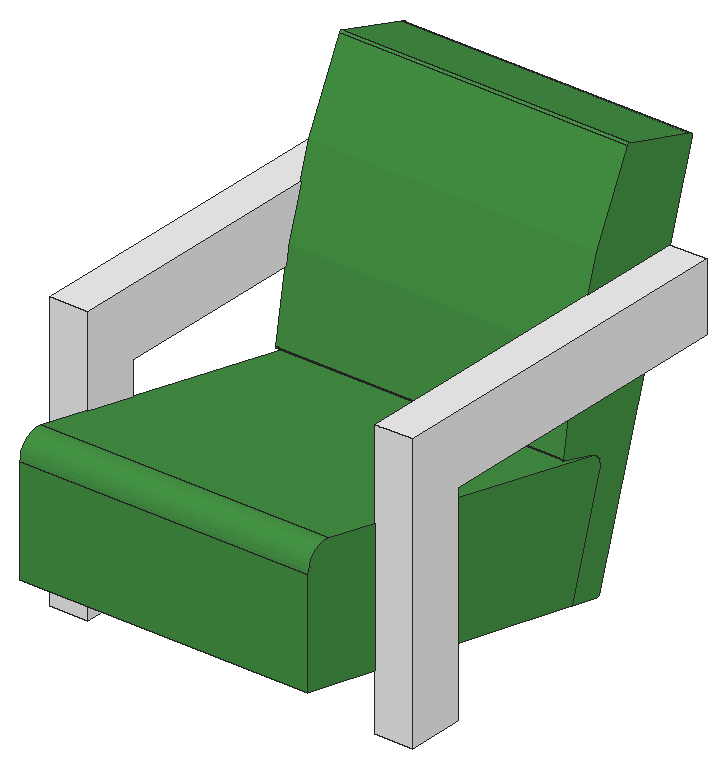
Revit family
Parameters
  Material Frame = Metal - Aluminium
  Material Seat = Fabric - Dark Dreen
  Keynote = "N"
Reference planes
  plane 1 "Center (Front/Back)": y = 0
  plane 2: z = 0
  plane 3 "Center (Left/Right)": x = 0
  plane 4 "Seat": z = 370
  plane 5: z = 490
  plane 6: z = 700
  plane 7: y = -850
  plane 8: x = -320
  plane 9: x = 320
  plane 10: x = -255
  plane 11: x = 255
Forms (mm)
  Extrusion 1, solid, material "Metal - Aluminium" <- "Material Frame"
    sketch origin (-320, 0, 0) x (0, 0, -1) y (0, -1, 0)
      loop
        line (-490, 51.209) -> (-370, 51.209) -> (-370, 602.457) -> (0, 602.457) -> (0, 701.863) -> (-490, 701.863) -> (-490, 51.209)
    from -66 to 0
  Extrusion 2, solid, material "Metal - Aluminium" <- "Material Frame"
    sketch origin (255, 0, 0) x (0, 0, -1) y (0, -1, 0)
      loop
        line (-490, 51.209) -> (-370, 51.209) -> (-370, 602.457) -> (0, 602.457) -> (0, 701.863) -> (-490, 701.863) -> (-490, 51.209)
    from -66 to 0
  Extrusion 3, solid, material "Fabric - Dark Dreen" <- "Material Seat"
    sketch origin (0, 0, 0) x (0, 1, 0) y (0, 0, 1)
      loop
        arc (-1.542, 639.482) -> (-1.845, 643.297) -> (-4.756, 645.78) r 5
        line (-4.756, 645.78) -> (-137.401, 688.776)
        arc (-137.401, 688.776) -> (-140.731, 688.689) -> (-143.267, 686.53) r 5
        arc (-143.267, 686.53) -> (-236.833, 476.434) -> (-283.668, 251.265) r 1077.236
        arc (-283.668, 251.265) -> (-283.161, 249.28) -> (-281.498, 248.084) r 3
        line (-281.498, 248.084) -> (-220.966, 231)
        arc (-220.966, 231) -> (-205.825, 218.087) -> (-204.249, 198.249) r 26
        line (-204.249, 198.249) -> (-264.825, 11.368) -> (-211.448, 0.533)
        arc (-211.448, 0.533) -> (-209.339, 0.882) -> (-207.998, 2.548) r 3
        line (-207.998, 2.548) -> (-1.542, 639.482)
    from -255 to 255
  Extrusion 4, solid, material "Fabric - Dark Dreen" <- "Material Seat"
    sketch origin (0, 0, 0) x (0, 1, 0) y (0, 0, 1)
      loop
        line (-850, 130.152) -> (-265.814, 11.561) -> (-205.201, 198.558)
        arc (-205.201, 198.558) -> (-206.715, 217.632) -> (-221.274, 230.048) r 25
        arc (-221.274, 230.048) -> (-510.4, 305.65) -> (-804.992, 355.898) r 3443.297
        arc (-804.992, 355.898) -> (-836.454, 346.215) -> (-850, 316.212) r 40
        line (-850, 316.212) -> (-850, 130.152)
    from -255 to 255
Lines and regions (mm)
  Masking region 1
    outline origin (0, 0, 370) x (-1, 0, 0) y (0, -1, 0)
      loop
        line (320, 701.863) -> (255, 701.863) -> (255, 850) -> (-255, 850) -> (-255, 701.863) -> (-321, 701.863) -> (-321, 51.209) -> (-255, 51.209) -> (-255, 1.298) -> (255, 0) -> (255, 51.209) -> (320, 51.209) -> (320, 701.863)
  symbolic lines
    curve 1: line (-320, -51.209, 0) -> (-320, -701.863, 0)
    curve 2: line (-320, -701.863, 0) -> (-254, -701.863, 0)
    curve 3: line (-254, -701.863, 0) -> (-255, -850, 0)
    curve 4: line (-255, -850, 0) -> (255, -850, 0)
    curve 5: line (255, -850, 0) -> (255, -701.863, 0)
    curve 6: line (255, -701.863, 0) -> (321, -701.863, 0)
    curve 7: line (321, -701.863, 0) -> (321, -51.209, 0)
    curve 8: line (321, -51.209, 0) -> (255, -51.209, 0)
    curve 9: line (255, -51.209, 0) -> (255, -1.298, 0)
    curve 10: line (255, -1.298, 0) -> (-255, 0, 0)
    curve 11: line (-255, 0, 0) -> (-255, -51.209, 0)
    curve 12: line (-255, -51.209, 0) -> (-320, -51.209, 0)
    curve 13: line (-255, -51.209, 0) -> (-254, -701.863, 0)
    curve 14: line (255, -51.209, 0) -> (255, -701.863, 0)
    curve 15: line (255, -283.668, 0) -> (-254.643, -283.668, 0)
Dimensions and locks
  aligned and locked: Masking region 1 sketch curve to Extrusion 1  (x2)
  aligned and locked: Extrusion 3 to Masking region 1 sketch curve
  aligned and locked: Masking region 1 sketch curve to curve 10
  aligned and locked: Masking region 1 sketch curve to Extrusion 3
  aligned and locked: Masking region 1 sketch curve to Extrusion 2  (x3)
  aligned and locked: Extrusion 4 to Masking region 1 sketch curve
  aligned and locked: Masking region 1 sketch curve to Extrusion 4  (x2)
  aligned and locked: Extrusion 1 to Masking region 1 sketch curve
